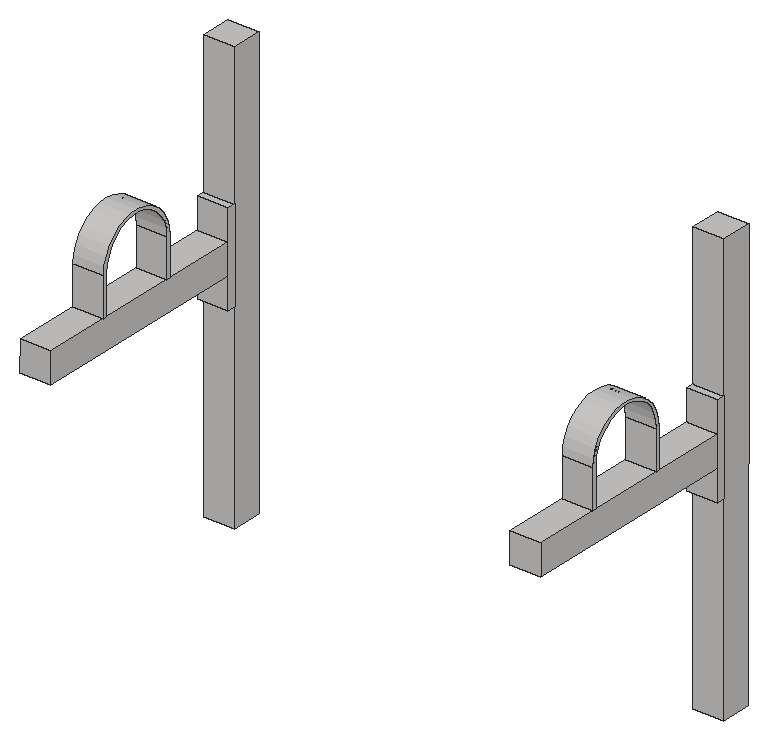
Revit family "Manifold Bracket Assy-JCI_Sapphire_Plus-(70 bar)Novec1230", category Specialty Equipment, Revit 2017
Family settings
  Round Connector Dimension = Use Diameter
  Part Type = Normal
  OmniClass Number = 23.29.33.13.11
  Work Plane-Based = Yes
  Always vertical = No
  Cut with Voids When Loaded = No
  Shared = No
  Room Calculation Point = No
Parameters (values of type "100mm (5 in)")
  Width = 47.60 mm
  Weight = 0.00 lbf  # constant formula
  Use Annotation Scale [instance] = 0
  URL = "http://www.sapphireplus.com"
  Unistrut Channel Length = 500.00 mm
  Type Comments = ""
  Product Page URL = "http://www.sapphireplus.com"
  Product Material = "JCI - Iron - Gray; JCI - Plastic - Red - Matte"  # constant formula
  Product Documentation Link = "http://www.sapphireplus.com"
  Part Number = Model  # "311.205.011"
  Part Description = Description  # "100mm(5in) Manifold Bracket Assembly"
  Pipe Clamp Radius = 50.00 mm
  Pipe Clamp Location [instance] = 200.00 mm
  Operating Temperature = 122 °F  # constant formula
  Model Disclaimer = " For More Information Contact JOHNSON CONTROLS"  # constant formula
  Model = if(Pipe Clamp Radius = 32.50 mm, "311.205.015", if(Pipe Clamp Radius = 40.00 mm, "311.205.010", if(Pipe Clamp Radius = 50.00 mm, "311.205.011", "311700001")))  # "311.205.011"
  Material = JCI - Metal - Steel
  Manufacturer = "Johnson Controls, Inc."  # constant formula
  Length = 47.60 mm
  Height = 50.00 mm
  Fire Suppression Agent = "''3M Novec'' 1230 Fire Protection Fluid"  # constant formula
  Family Version = "1.0"  # constant formula
  Equipment Number = "XXX"  # constant formula
  Equipment Abbreviation = "MBR"  # constant formula
  Description = if(Pipe Clamp Radius = 32.50 mm, "65mm(2.5in) Manifold Bracket Assembly", if(Pipe Clamp Radius = 40.00 mm, "80mm(3in) Manifold Bracket Assembly", if(Pipe Clamp Radius = 50.00 mm, "100mm(5in) Manifold Bracket Assembly", "150mm (6 in) Double Profile ")))  # "100mm(5in) Manifold Bracket Assembly"
  Default Elevation = 0.00 mm
  Date Modified = "YYYY/MM/DD"  # constant formula
  Date Created = "2018/10/10"  # constant formula
  Copyright © = "Copyright © 2001-2018 Johnson Controls Inc."  # constant formula
  Cantilever Bracket Profile Height = 40.00 mm
  Cantilever Bracket Length ref = 300.00 mm
  Cantilever Bracket Length = 300.00 mm
  Cantilever Bracket Height [instance] = 300.00 mm
  Bracket Assembly Clearance [instance] = 640.00 mm
  Assembly Code = ""
Types (4, lengths in mm): name | Unistrut Channel Length | Part Number | Part Description | Pipe Clamp Radius | Pipe Clamp Location | Model | Height | Description | Cantilever Bracket Profile Height | Cantilever Bracket Length ref | Cantilever Bracket Length | Bracket Assembly Clearance
  150mm (6 in) Double Profile | 500.00 | "311700001" | "150mm (6 in) Double Profile " | 75.00 | 180.00 | "311700001" | 50.00 | "150mm (6 in) Double Profile " | 80.00 | 460.00 | 300.00 | 1640.00
  80mm (3 in) | 500.00 | "311.205.010" | "80mm(3in) Manifold Bracket Assembly" | 40.00 | 200.00 | "311.205.010" | 41.00 | "80mm(3in) Manifold Bracket Assembly" | 40.00 | 300.00 | 300.00 | 640.00
  65mm (2.5 in) | 400.00 | "311.205.015" | "65mm(2.5in) Manifold Bracket Assembly" | 32.50 | 140.00 | "311.205.015" | 50.00 | "65mm(2.5in) Manifold Bracket Assembly" | 40.00 | 150.00 | 200.00 | 640.00
  100mm (5 in) | 500.00 | "311.205.011" | "100mm(5in) Manifold Bracket Assembly" | 50.00 | 200.00 | "311.205.011" | 50.00 | "100mm(5in) Manifold Bracket Assembly" | 40.00 | 300.00 | 300.00 | 640.00
Reference planes
  plane 1 "Center (Front/Back)": y = 0
  plane 2: z = 0
  plane 3 "Center (Left/Right)": x = 0
  plane 4 "Bracket Assembly Clearance": x = 640
Dimensions and locks
  "Bracket Assembly Clearance": plane 3 "Center (Left/Right)" to plane 4 "Bracket Assembly Clearance"
  aligned and locked: level to plane 2
  aligned and locked: plane 1 "Center (Front/Back)" to nested 1
  aligned and locked: plane 3 "Center (Left/Right)" to nested 1
  aligned and locked: plane 4 "Bracket Assembly Clearance" to nested 2
  aligned and locked: plane 1 "Center (Front/Back)" to nested 2
Nested families
  nested 1: "Manifold Bracket-JCI_Sapphire_Plus-(70 bar)Novec1230" at (0, 0, 0), Pipe Clamp Location <- "Pipe Clamp Location", Cantilever Bracket Height <- "Cantilever Bracket Height", Pipe Clamp Radius <- "Pipe Clamp Radius", type "Manifold Bracket-JCI_Sapphire_Plus-(70 bar)Novec1230"
    with Use Annotation Scale 0, Unistrut Channel Length 564.105 mm, Pipe Clamp Radius 50.00 mm, Pipe Clamp Location 200.00 mm, Cantilever Bracket Profile Height 40.00 mm, Cantilever Bracket Length 300.00 mm, Cantilever Bracket Height 300.00 mm
  nested 2: "Manifold Bracket-JCI_Sapphire_Plus-(70 bar)Novec1230" at (640, 0, 0), Pipe Clamp Location <- "Pipe Clamp Location", Cantilever Bracket Height <- "Cantilever Bracket Height", Pipe Clamp Radius <- "Pipe Clamp Radius", type "Manifold Bracket-JCI_Sapphire_Plus-(70 bar)Novec1230"
    with Use Annotation Scale 0, Unistrut Channel Length 564.105 mm, Pipe Clamp Radius 50.00 mm, Pipe Clamp Location 200.00 mm, Cantilever Bracket Profile Height 40.00 mm, Cantilever Bracket Length 300.00 mm, Cantilever Bracket Height 300.00 mm
Definition of nested family "Manifold Bracket-JCI_Sapphire_Plus-(70 bar)Novec1230"
  Parameters (values of type "Manifold Bracket-JCI_Sapphire_Plus-(70 bar)Novec1230")
    Width = 47.60 mm
    Use Annotation Scale [instance] = 0
    URL = "http://www.sapphireplus.com"
    Unistrut Channel Length [instance] = 564.105 mm
    Product Page URL = "http://www.sapphireplus.com"
    Product Material = "JCI - Iron - Gray; JCI - Plastic - Red - Matte"  # constant formula
    Product Documentation Link = "http://www.sapphireplus.com"
    Pipe Clamp Radius [instance] = 80.00 mm
    Pipe Clamp Location [instance] = 224.787 mm
    Part Number = ""
    Part Description = Description  # "Manifold Bracket Assembly"
    Operating Temperature = 122 °F
    Model Disclaimer = " For More Information Contact JOHNSON CONTROLS"  # constant formula
    Material = none
    Manufacturer = "Johnson Controls, Inc."  # constant formula
    Length = 47.60 mm
    Height = 41.00 mm
    Fire Suppression Agent = "''3M Novec'' 1230 Fire Protection Fluid"  # constant formula
    Family Version = "1.0"  # constant formula
    Equipment Abbreviation = "--"  # constant formula
    Description = "Manifold Bracket Assembly"  # constant formula
    Default Elevation = 0.00 mm
    Date Modified = "YYYY/MM/DD"  # constant formula
    Date Created = "2018/10/10"  # constant formula
    Copyright © = "Copyright © 2001-2018 Johnson Controls Inc."  # constant formula
    Cantilever Bracket Profile Height [instance] = 40.00 mm
    Cantilever Bracket Length [instance] = 300.00 mm
    Cantilever Bracket Height [instance] = 300.00 mm
  Reference planes
    plane 1 "Center (Front/Back)": y = 0
    plane 2: z = 0
    plane 3 "Center (Left/Right)": x = 0
    plane 4 "Unistrut Channel Width": y = -40
    plane 5 "Unistrut Channel Length": z = 564.105
    plane 6 "Cantilever Bracket Profile Height  Top": z = 340
    plane 7 "Pipe Clamp Location": y = -224.787
    plane 8 "Pipe Clamp Radius": z = 420
    plane 9 "Cantilever Bracket Height": z = 300
    plane 10 "Cantilever Bracket Length": y = -340
    plane 11 "Cantilever Arm Length": y = -50
    plane 12 "Cantilever Bracket Profile Height  Middle": z = 320
    plane 13 "Cantilever Arm Height Top": z = 380
    plane 14 "Cantilever Arm Height Bottom": z = 260
    plane 15 "Pipe Clamp Radius Side Ref": y = -304.787
    plane 16 "Pipe Clamp Radius Side": y = -308.787
    plane 17 "Overall Bracket Width": x = -20
    plane 18 "Overall Bracket Width Offset": x = 20
  Forms (mm)
    Extrusion 1, solid
      sketch origin (0, 0, 0) x (0, 1, 0) y (0, 0, 1)
        loop
          line (0, 564.105) -> (-40, 564.105) -> (-40, 0) -> (0, 0) -> (0, 564.105)
      from -20 to 20
    Extrusion 2, solid
      sketch origin (0, 0, 0) x (0, 1, 0) y (0, 0, 1)
        loop
          line (-40, 380) -> (-50, 380) -> (-50, 260) -> (-40, 260) -> (-40, 380)
      from -20 to 20
    Extrusion 3, solid
      sketch origin (0, 0, 0) x (0, 1, 0) y (0, 0, 1)
        loop
          line (-50, 340) -> (-340, 340) -> (-340, 300) -> (-50, 300) -> (-50, 340)
      from -20 to 20
    Extrusion 4, solid
      sketch origin (0, 0, 0) x (0, 1, 0) y (0, 0, 1)
        loop
          line (-304.787, 340) -> (-304.787, 420)
          arc (-304.787, 420) -> (-224.787, 500) -> (-144.787, 420) r 80
          line (-144.787, 420) -> (-144.787, 340) -> (-140.787, 340) -> (-140.787, 420)
          arc (-140.787, 420) -> (-224.787, 504) -> (-308.787, 420) r 84
          line (-308.787, 420) -> (-308.787, 340) -> (-304.787, 340)
      from -20 to 20
  Dimensions and locks
    locked: plane 1 "Center (Front/Back)" to plane 4 "Unistrut Channel Width" at 40
    "Cantilever Bracket Profile Height": plane 6 "Cantilever Bracket Profile Height  Top" to plane 9 "Cantilever Bracket Height"
    "Pipe Clamp Radius": plane 8 "Pipe Clamp Radius" to plane 6 "Cantilever Bracket Profile Height  Top"
    "Pipe Clamp Location": plane 1 "Center (Front/Back)" to plane 7 "Pipe Clamp Location"
    "Cantilever Bracket Length": plane 4 "Unistrut Channel Width" to plane 10 "Cantilever Bracket Length"
    "Cantilever Bracket Height": plane 9 "Cantilever Bracket Height" to level
    locked: plane 4 "Unistrut Channel Width" to plane 11 "Cantilever Arm Length" at 10
    equal spacing: plane 6 "Cantilever Bracket Profile Height  Top", plane 12 "Cantilever Bracket Profile Height  Middle", plane 9 "Cantilever Bracket Height"
    locked: plane 13 "Cantilever Arm Height Top" to plane 6 "Cantilever Bracket Profile Height  Top" at 40
    locked: plane 14 "Cantilever Arm Height Bottom" to plane 9 "Cantilever Bracket Height" at 40
    "Unistrut Channel Length": plane 5 "Unistrut Channel Length" to plane 2
    "Pipe Clamp Radius": plane 7 "Pipe Clamp Location" to plane 15 "Pipe Clamp Radius Side Ref"
    locked: plane 15 "Pipe Clamp Radius Side Ref" to plane 16 "Pipe Clamp Radius Side" at 4
    equal spacing: plane 17 "Overall Bracket Width", plane 3 "Center (Left/Right)", plane 18 "Overall Bracket Width Offset"
    locked: plane 17 "Overall Bracket Width" to plane 18 "Overall Bracket Width Offset" at 40
    "Pipe Clamp Radius": radius of Extrusion 4 sketch curve
    aligned and locked: level to plane 2
    aligned and locked: plane 5 "Unistrut Channel Length" to Extrusion 1 sketch curve
    aligned and locked: Extrusion 1 sketch curve to plane 1 "Center (Front/Back)"
    aligned and locked: Extrusion 1 sketch curve to level
    aligned and locked: Extrusion 1 sketch curve to plane 4 "Unistrut Channel Width"
    aligned and locked: Extrusion 1 to plane 17 "Overall Bracket Width"
    aligned and locked: Extrusion 1 to plane 18 "Overall Bracket Width Offset"
    aligned and locked: plane 13 "Cantilever Arm Height Top" to Extrusion 2 sketch curve
    aligned and locked: plane 4 "Unistrut Channel Width" to Extrusion 2 sketch curve
    aligned and locked: plane 14 "Cantilever Arm Height Bottom" to Extrusion 2 sketch curve
    aligned and locked: plane 11 "Cantilever Arm Length" to Extrusion 2 sketch curve
    aligned and locked: Extrusion 1 to Extrusion 2
    aligned and locked: Extrusion 2 to Extrusion 1
    aligned and locked: plane 6 "Cantilever Bracket Profile Height  Top" to Extrusion 3 sketch curve
    aligned and locked: Extrusion 3 sketch curve to plane 11 "Cantilever Arm Length"
    aligned and locked: Extrusion 3 sketch curve to plane 9 "Cantilever Bracket Height"
    aligned and locked: plane 10 "Cantilever Bracket Length" to Extrusion 3 sketch curve
    aligned and locked: Extrusion 1 to Extrusion 3
    aligned and locked: Extrusion 3 to Extrusion 1
    aligned and locked: Extrusion 4 sketch curve to plane 6 "Cantilever Bracket Profile Height  Top"  (x2)
    aligned and locked: plane 7 "Pipe Clamp Location" to Extrusion 4 sketch curve
    aligned and locked: plane 8 "Pipe Clamp Radius" to Extrusion 4 sketch curve
    aligned and locked: plane 16 "Pipe Clamp Radius Side" to Extrusion 4 sketch curve
    aligned and locked: plane 15 "Pipe Clamp Radius Side Ref" to Extrusion 4 sketch curve
    aligned and locked: Extrusion 4 to plane 17 "Overall Bracket Width"
    aligned and locked: Extrusion 4 to plane 18 "Overall Bracket Width Offset"
  Automatic sketch dimensions
    Extrusion 4 sketch curve to Extrusion 4 sketch curve = 0.00 mm  (x2)
